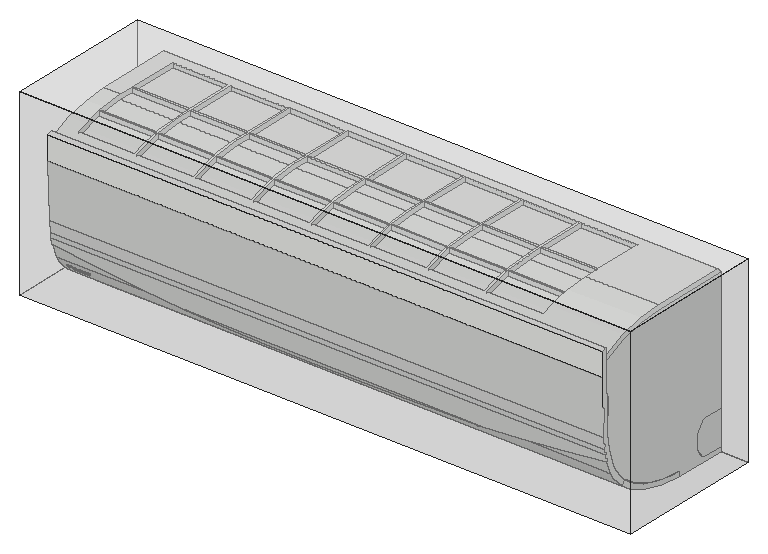
Revit family "outputfile", category 機械設備, Revit 2024
Family settings
  丸型コネクタ寸法 = 半径を使用
  パーツ タイプ = 標準
  OmniClass 番号 = 23.75.10.24.21.27.27
  OmniClass タイトル = Split System Air Conditioning Units
  作業面ベース = いいえ
  常に垂直 = はい
  ロード時にボイドで切り取り = いいえ
  注釈の向きを維持 = いいえ
  共有 = いいえ
  部屋計算ポイント = いいえ
Parameters (values of type "FTKM50QVMA")
  Description = ""
  書き出し IFC クラス(タイプ) = "IfcUnitaryEquipmentType"
  定義済み IFC タイプ(タイプ) = "AIRCONDITIONINGUNIT"
  Cost = 0
  Type Comments = ""
  Keynote = ""
  Type Image = (empty or 0)
  Assembly Code = ""
  w_wall hole = if(Width = 770.0 mm, 48.0 mm, 60.0 mm)  # 60.0 mm
  製造元 = "Daikin"
  モデル = "FTKM50QVMA"
  switch_frequency = yes
  r_Liquid Pipe Size = Liquid Pipe Size / 2  # 3.2 mm
  r_Gas Pipe Size = Gas Pipe Size / 2  # 6.35 mm
  r_Drain Pipe Size = Drain Pipe Size / 2  # 8.0 mm
  lw_powersupply [instance] = if(Width = 770.0 mm, if(or(Rear Right Connection_refrigerant, Bottom Right Connection_refrigerant), 25.0 mm, if(or(Rear Left Connection_refrigerant, Bottom Left Connection_refrigerant), 745.0 mm, 400.0 mm)), if(Width = 990.0 mm, if(or(Rear Right Connection_refrigerant, Bottom Right Connection_refrigerant), 40.0 mm, if(or(Rear Left Connection_refrigerant, Bottom Left Connection_refrigerant), 920.0 mm, 400.0 mm)), if(or(Rear Right Connection_refrigerant, Bottom Right Connection_refrigerant), 40.0 mm, if(or(Rear Left Connection_refrigerant, Bottom Left Connection_refrigerant), 920.0 mm, 400.0 mm))))  # 400.0 mm
  lw_liquidpipe [instance] = if(Width = 770.0 mm, if(or(Rear Right Connection_refrigerant, Bottom Right Connection_refrigerant), 0.0 mm, if(or(Rear Left Connection_refrigerant, Bottom Left Connection_refrigerant), 664.0 mm, 385.0 mm)), if(Width = 900.0 mm, if(or(Rear Right Connection_refrigerant, Bottom Right Connection_refrigerant), 0.0 mm, if(or(Rear Left Connection_refrigerant, Bottom Left Connection_refrigerant), 664.0 mm + (990.0 mm - 770.0 mm), 475.0 mm)), if(or(Rear Right Connection_refrigerant, Bottom Right Connection_refrigerant), 0.0 mm, if(or(Rear Left Connection_refrigerant, Bottom Left Connection_refrigerant), 664.0 mm + (990.0 mm - 770.0 mm), 475.0 mm))))  # 475.0 mm
  lw_gaspipe [instance] = if(Width = 770.0 mm, if(or(Rear Right Connection_refrigerant, Bottom Right Connection_refrigerant), 0.0 mm, if(or(Rear Left Connection_refrigerant, Bottom Left Connection_refrigerant), 675.0 mm, if(Gas Pipe Size = 12.7 mm, 345.0 mm, 335.0 mm))), if(Width = 990.0 mm, if(or(Rear Right Connection_refrigerant, Bottom Right Connection_refrigerant), 10.0 mm, if(or(Rear Left Connection_refrigerant, Bottom Left Connection_refrigerant), 890.0 mm, if(Gas Pipe Size = 15.9 mm, 410.0 mm, 400.0 mm))), if(or(Rear Right Connection_refrigerant, Bottom Right Connection_refrigerant), 10.0 mm, if(or(Rear Left Connection_refrigerant, Bottom Left Connection_refrigerant), 890.0 mm, if(Gas Pipe Size = 15.9 mm, 410.0 mm, 400.0 mm)))))  # 400.0 mm
  lw_drainpipe [instance] = if(Width = 770.0 mm, if(or(Rear Right Connection_refrigerant, Bottom Right Connection_refrigerant), 0.0 mm, if(or(Rear Left Connection_refrigerant, Bottom Left Connection_refrigerant), 770.0 mm - 48.0 mm - 48.0 mm, 440.0 mm)), if(Width = 990.0 mm, if(or(Rear Right Connection_refrigerant, Bottom Right Connection_refrigerant), 0.0 mm, if(or(Rear Left Connection_refrigerant, Bottom Left Connection_refrigerant), 675.0 mm + (990.0 mm - 770.0 mm), 435.0 mm)), if(or(Rear Right Connection_refrigerant, Bottom Right Connection_refrigerant), 0.0 mm, if(or(Rear Left Connection_refrigerant, Bottom Left Connection_refrigerant), 675.0 mm + (990.0 mm - 770.0 mm), 435.0 mm))))  # 435.0 mm
  l_powersupply_length [instance] = if(Width = 770.0 mm, if(Right Connection_refrigerant, 400.0 mm, if(Left Connection_refrigerant, 770.0 mm - 400.0 mm, if(or(Rear Left Connection_refrigerant, Rear Right Connection_refrigerant), 15.0 mm, 50.0 mm))), if(Width = 990.0 mm, if(Right Connection_refrigerant, 400.0 mm, if(Left Connection_refrigerant, 990.0 mm - 400.0 mm, if(or(Rear Left Connection_refrigerant, Rear Right Connection_refrigerant), 15.0 mm, 50.0 mm))), if(Right Connection_refrigerant, 400.0 mm, if(Left Connection_refrigerant, 990.0 mm - 400.0 mm, if(or(Rear Left Connection_refrigerant, Rear Right Connection_refrigerant), 15.0 mm, 50.0 mm)))))  # 400.0 mm
  l_liquidpipe_length [instance] = if(Width = 770.0 mm, if(Right Connection_refrigerant, 433.0 mm, if(Left Connection_refrigerant, 337.0 mm, if(or(Rear Left Connection_refrigerant, Rear Right Connection_refrigerant), 30.0 mm, 40.0 mm))), if(Width = 990.0 mm, if(Right Connection_refrigerant, 535.0 mm, if(Left Connection_refrigerant, 455.0 mm, if(or(Rear Left Connection_refrigerant, Rear Right Connection_refrigerant), 30.0 mm, 40.0 mm))), if(Right Connection_refrigerant, 535.0 mm, if(Left Connection_refrigerant, 455.0 mm, if(or(Rear Left Connection_refrigerant, Rear Right Connection_refrigerant), 30.0 mm, 40.0 mm)))))  # 535.0 mm
  l_gaspipe_length [instance] = if(Width = 770.0 mm, if(Right Connection_refrigerant, if(Gas Pipe Size = 12.7 mm, 393.0 mm, 383.0 mm), if(Left Connection_refrigerant, if(Gas Pipe Size = 12.7 mm, 770.0 mm - 393.0 mm, 770.0 mm - 383.0 mm), if(or(Rear Left Connection_refrigerant, Rear Right Connection_refrigerant), 40.0 mm, 50.0 mm))), if(Width = 990.0 mm, if(Right Connection_refrigerant, if(Gas Pipe Size = 15.9 mm, 470.0 mm, 460.0 mm), if(Left Connection_refrigerant, if(Gas Pipe Size = 15.9 mm, 990.0 mm - 470.0 mm, 990.0 mm - 460.0 mm), if(or(Rear Left Connection_refrigerant, Rear Right Connection_refrigerant), 40.0 mm, 50.0 mm))), if(Right Connection_refrigerant, if(Gas Pipe Size = 15.9 mm, 470.0 mm, 460.0 mm), if(Left Connection_refrigerant, if(Gas Pipe Size = 15.9 mm, 990.0 mm - 470.0 mm, 990.0 mm - 460.0 mm), if(or(Rear Left Connection_refrigerant, Rear Right Connection_refrigerant), 40.0 mm, 50.0 mm)))))  # 460.0 mm
  l_drainpipe_length [instance] = if(Width = 770.0 mm, if(Right Connection_refrigerant, 488.0 mm, if(Left Connection_refrigerant, 282.0 mm, if(or(Rear Left Connection_refrigerant, Rear Right Connection_refrigerant), 15.0 mm, 20.0 mm))), if(Width = 990.0 mm, if(Right Connection_refrigerant, 495.0 mm, if(Left Connection_refrigerant, 495.0 mm, if(or(Rear Left Connection_refrigerant, Rear Right Connection_refrigerant), 15.0 mm, 20.0 mm))), if(Right Connection_refrigerant, 495.0 mm, if(Left Connection_refrigerant, 495.0 mm, if(or(Rear Left Connection_refrigerant, Rear Right Connection_refrigerant), 15.0 mm, 20.0 mm)))))  # 495.0 mm
  h*** = 0.0 mm  # constant formula
  connector_voltage = Voltage_50Hz  # 230 V
  connector_powerinput = [Power Input (Cooling)]  # 0.000 kW
  connector_phase = Phase_50Hz  # 1
  angle_vertical [instance] = if(or(Bottom Left Connection_refrigerant, Bottom Right Connection_refrigerant), 0.00°, 90.00°)  # 90.00°
  angle_horizontal [instance] = if(Right Connection_refrigerant, 90.00°, if(Left Connection_refrigerant, -90.00°, if(or(Rear Left Connection_refrigerant, Rear Right Connection_refrigerant), 180.00°, 0.00°)))  # 90.00°
  Width = 990.0 mm
  Voltage_comment_50Hz = "220 - 240"
  Voltage_50Hz = 230 V
  Version = "ver.1.0"
  Unit Type = "Wall Mounted"
  Unit Mass Weight = 13.00 kg
  Unit Designation [instance] = ""
  Uniclass2015Version = "Products v1.30"
  Uniclass2015Title = "Split coil room air conditioning units"
  Uniclass2015Code = "Pr_70_65_03_86"
  URL = ""
  Total Cooling Capacity [instance] = 0.000 kW
  Sound Pressure Level_M speed (dBA) = 40
  Sound Pressure Level_L speed (dBA) = 35
  Sound Pressure Level_H speed (dBA) = 45
  Sound Power Level_H speed (dB) = 0
  Series = "Single Split_Fan Coil Unit"
  Sensible Cooling Capacity [instance] = 0.000 kW
  Refrigerant Type = "R32"
  Power Input (Cooling) = 0.000 kW
  Phase_50Hz = 1
  Option Accessory 3 [instance] = ""
  Option Accessory 2 [instance] = ""
  Option Accessory 1 [instance] = ""
  Nominal Cooling Capacity = 5.000 kW
  Minimum Circuit Amps_50Hz = 0.0 A
  Minimum Airflow = 666.00 m³/h
  Median Airflow = 816.00 m³/h
  Maximum Fuse Amps_50Hz = 0.0 A
  Maximum Airflow = 960.00 m³/h
  Material_Casing = DAIKIN_PureWhite_Casing_indoorunit
  Load Classification = HVAC
  Liquid Pipe Size = 6.4 mm
  Link_Nested Family [instance] = ""
  IfcVersion = ""
  IfcExportType = "AIRCONDITIONINGUNIT"
  IfcExportAs = "IfcUnitaryEquipmentType"
  Height = 295.0 mm
  Heat Exchanger Type = "Cross Fin Coil"
  Gas Pipe Size = 12.7 mm
  Frequency_50Hz = 50 Hz
  Fan Type = "Cross Flow Fan"
  Fan Drive = "Direct Drive"
  FCU Tag No. [instance] = ""
  Drain Pipe Size = 16.0 mm
  Design Supply Airflow [instance] = 0.00 m³/h
  Depth = 263.0 mm
  既定の高さ = 0.0 mm
  Cooling Entering Wet Bulb Temperature [instance] = 0.00 °C
  Cooling Entering Dry Bulb Temperature [instance] = 0.00 °C
  Cooling Ambient Wet Bulb Temperature [instance] = 0.00 °C
  Cooling Ambient Dry Bulb Temperature [instance] = 0.00 °C
  Clearance visibility [instance] = yes
  Clearance Top = 30.0 mm
  Clearance Right = 50.0 mm
  Clearance Rear = 0.0 mm
  Clearance Left = 50.0 mm
  Clearance Front = 0.0 mm
  Clearance Bottom = 0.0 mm
  Bottom Right Connection_refrigerant [instance] = no
  Bottom Left Connection_refrigerant [instance] = no
  Rear Right Connection_refrigerant [instance] = no
  Rear Left Connection_refrigerant [instance] = no
  Right Connection_refrigerant [instance] = yes
  Left Connection_refrigerant [instance] = no
Reference planes
  plane 1 "Back": y = 0
  plane 2: z = 0
  plane 3 "Center (Left/Right)": x = 0
  plane 4 "Center (Front/Back)": y = -131.5
  plane 5 "Front": y = -263
  plane 6 "Left": x = -495
  plane 7 "Right": x = 495
  plane 8 "Top": z = 0
  plane 9 "Bottom": z = -295
  plane 10: x = -545
  plane 11: x = 545
  plane 12: y = 0
  plane 13: y = -263
  plane 14: z = 30
  plane 15: z = -295
  plane 16 "lw_Piping and Wiring intake": x = 435
  plane 17 "lw_gaspipe": x = 35
  plane 18 "lw_liquidpipe": x = -40
  plane 19 "lw_drainpipe": x = 0
  plane 20 "lh_drainpipe": z = -275
  plane 21 "lh_liquidpipe": z = -255
  plane 22 "lh_gaspipe": z = -245
  plane 23 "ld_drainpipe": y = -15
  plane 24 "ld_liquidpipe": y = -30
  plane 25 "ld_gaspipe": y = -40
  plane 26 "lw_powersupply": x = 95
Dimensions and locks
  equal spacing: plane 6 "Left", plane 3 "Center (Left/Right)", plane 7 "Right"
  "Width": plane 6 "Left" to plane 7 "Right"
  equal spacing: plane 5 "Front", plane 4 "Center (Front/Back)", plane 1 "Back"
  "Depth": plane 5 "Front" to plane 1 "Back"
  "Height": plane 8 "Top" to plane 9 "Bottom"
  "Clearance Rear": plane 12 to plane 1 "Back"
  "Clearance Front": plane 13 to plane 5 "Front"
  "Clearance Top": plane 14 to plane 8 "Top"
  "Clearance Bottom": plane 9 "Bottom" to plane 15
  "w_wall hole": plane 16 "lw_Piping and Wiring intake" to plane 7 "Right"
  "lw_gaspipe": plane 17 "lw_gaspipe" to plane 16 "lw_Piping and Wiring intake"
  "lw_liquidpipe": plane 18 "lw_liquidpipe" to plane 16 "lw_Piping and Wiring intake"
  "lw_drainpipe": plane 19 "lw_drainpipe" to plane 16 "lw_Piping and Wiring intake"
  locked: plane 20 "lh_drainpipe" to plane 9 "Bottom" at 20
  locked: plane 21 "lh_liquidpipe" to plane 9 "Bottom" at 40
  locked: plane 22 "lh_gaspipe" to plane 9 "Bottom" at 50
  locked: plane 23 "ld_drainpipe" to plane 1 "Back" at 15
  locked: plane 1 "Back" to plane 24 "ld_liquidpipe" at 30
  locked: plane 1 "Back" to plane 25 "ld_gaspipe" at 40
  "lw_powersupply": plane 26 "lw_powersupply" to plane 7 "Right"
  "Clearance Right": plane 7 "Right" to plane 11
  "Clearance Left": plane 10 to plane 6 "Left"
  aligned and locked: level to plane 2
  aligned and locked: plane 12 to nested 1
  aligned and locked: nested 1 to plane 13
  aligned and locked: plane 10 to nested 1
  aligned and locked: plane 11 to nested 1
  aligned and locked: plane 15 to nested 1
  aligned and locked: plane 14 to nested 1
  aligned and locked: plane 17 "lw_gaspipe" to nested 2
  aligned and locked: nested 2 to plane 25 "ld_gaspipe"
  aligned and locked: plane 18 "lw_liquidpipe" to nested 3
  aligned and locked: nested 3 to plane 24 "ld_liquidpipe"
  aligned and locked: plane 19 "lw_drainpipe" to nested 4
  aligned and locked: nested 4 to plane 23 "ld_drainpipe"
  aligned and locked: nested 5 to plane 23 "ld_drainpipe"
  aligned and locked: plane 26 "lw_powersupply" to nested 5
  aligned and locked: level to plane 8 "Top"
  aligned and locked: plane 3 "Center (Left/Right)" to nested 6
  aligned and locked: plane 1 "Back" to nested 6
  aligned and locked: plane 8 "Top" to nested 6
Nested families
  nested 1: "daikin_clearancespace" at (0, -131.5, -132.381), show <- "Clearance visibility", visible <- "Clearance visibility", Link_Nested Family <- "Link_Nested Family", type "daikin_clearancespace"
    with width 1090.0 mm, show yes, height 325.0 mm, depth 263.0 mm, Link_Nested Family ""
  nested 2: "daikin_connector_rotate3" at (35, -40, -245), angle_vertical <- "angle_vertical", angle_horizontal <- "angle_horizontal", length <- "l_gaspipe_length", radius <- "r_Gas Pipe Size", type "daikin_connector_rotate3"
    with show no, radius 6.35 mm, length 460.0 mm, angle_vertical 90.00°, angle_horizontal 90.00°
  nested 3: "daikin_connector_rotate3" at (-40, -30, -255), angle_vertical <- "angle_vertical", angle_horizontal <- "angle_horizontal", radius <- "r_Liquid Pipe Size", length <- "l_liquidpipe_length", type "daikin_connector_rotate3"
    with show no, radius 3.2 mm, length 535.0 mm, angle_vertical 90.00°, angle_horizontal 90.00°
  nested 4: "daikin_connector_rotate3" at (0, -15, -275), angle_vertical <- "angle_vertical", angle_horizontal <- "angle_horizontal", length <- "l_drainpipe_length", radius <- "r_Drain Pipe Size", type "daikin_connector_rotate3"
    with show no, radius 8.0 mm, length 495.0 mm, angle_vertical 90.00°, angle_horizontal 90.00°
  nested 5: "daikin_connector_rotate3" at (95, -15, -245), angle_vertical <- "angle_vertical", angle_horizontal <- "angle_horizontal", length <- "l_powersupply_length", type "daikin_connector_rotate3"
    with show no, radius 10.0 mm, length 400.0 mm, angle_vertical 90.00°, angle_horizontal 90.00°
  nested 6: "DAIKIN_indoorunit_FTKM-QVMA" at (-31, 0, 0), type "FTKM-QVMA"
    with switch_unit1_50-71 yes, switch_unit1_20-46 no, Width 990.0 mm, WALL HOLE-R 60.0 mm, WALL HOLE Size 80.0 mm, Height 295.0 mm
Connectors
  piping at (495, -40, -245), diameter 12.7, driven by "r_Gas Pipe Size"
    settings: on nested 2, index 1, connector inside diameter 609.6 mm, connector length 0.0 mm, flow factor 0, pipe flow 0.00 m³/h, pressure drop 0.0 Pa, fitting loss kfactor 0, connector angle 0.00°, fixture units 0, engagement length 0.0 mm, angle of deflection 0.00°, flow configuration 1, flow direction 2, fitting loss method 0, system type 29, joint type 0, gender type 0, connector reference index -1, connector utility 0, adjustable connector no, is connector primary yes, connector description "Refrigerant Gas Piping"
  piping at (495, -30, -255), diameter 6.4, driven by "r_Liquid Pipe Size"
    settings: on nested 3, index 2, connector inside diameter 609.6 mm, connector length 0.0 mm, flow factor 0, pipe flow 0.00 m³/h, pressure drop 0.0 Pa, fitting loss kfactor 0, connector angle 0.00°, fixture units 0, engagement length 0.0 mm, angle of deflection 0.00°, flow configuration 1, flow direction 1, fitting loss method 0, system type 29, joint type 0, gender type 0, connector reference index -1, connector utility 0, adjustable connector no, is connector primary no, connector description "Refrigerant Liquid Piping"
  piping at (495, -15, -275), diameter 16, driven by "r_Drain Pipe Size"
    settings: on nested 4, index 3, connector inside diameter 609.6 mm, connector length 0.0 mm, flow factor 0, pipe flow 0.00 m³/h, pressure drop 0.0 Pa, fitting loss kfactor 0, connector angle 0.00°, fixture units 0, engagement length 0.0 mm, angle of deflection 0.00°, flow configuration 1, flow direction 2, fitting loss method 4, system type 16, joint type 0, gender type 0, connector reference index -1, connector utility 0, adjustable connector no, is connector primary no, connector description "Condensate Drain Piping"
  electrical at (495, -15, -245), driven by "Load Classification", driven by "connector_powerinput", driven by "connector_voltage", driven by "connector_phase"
    settings: on nested 5, index 4, voltage 230 V, apparent load 0 VA, apparent load phase1 0 VA, apparent load phase2 0 VA, apparent load phase3 0 VA, power factor 1, load classification "HVAC", number of poles 1, system type 30, power factor state 1, is connector primary yes, connector utility no, sub classification motor no, connector description "Power Supply"
Definition of nested family "daikin_clearancespace"
  Parameters (values of type "daikin_clearancespace")
    Description = "daikin_clearancespace"
    width [instance] = 1823.963 mm
    show [instance] = yes
    material = none
    height [instance] = 1359.762 mm
    depth [instance] = 880.0 mm
    Default Elevation = 0.0 mm
    Link_Nested Family [instance] = ""
  Reference planes
    plane 1 "Center (Front/Back)": y = 0
    plane 2 "Center (Elevation)": z = -0.119
    plane 3 "Center (Left/Right)": x = 0
    plane 4: y = 440
    plane 5: y = -440
    plane 6 "Right": x = 911.982
    plane 7 "Left": x = -911.982
    plane 8 "Top": z = 679.762
    plane 9 "Bottom": z = -680
  Forms (mm)
    Extrusion 1, solid, material <- "material", visible <- "show"
      sketch origin (0, 0, 0) x (1, 0, 0) y (0, 1, 0)
        loop
          line (-911.982, 440) -> (-911.982, -440) -> (911.982, -440) -> (911.982, 440) -> (-911.982, 440)
      from -680 to 679.762
  Lines and regions (mm)
    symbolic lines, visible <- "show"
      curve 1: line (911.982, 440, 0) -> (-911.982, 440, 0)
      curve 2: line (-911.982, 440, 0) -> (-911.982, -440, 0)
      curve 3: line (-911.982, -440, 0) -> (911.982, -440, 0)
      curve 4: line (911.982, -440, 0) -> (911.982, 440, 0)
      curve 5: line (911.982, 0, 679.762) -> (-911.982, 0, 679.762)
      curve 6: line (911.982, 0, -680) -> (911.982, 0, 679.762)
      curve 7: line (-911.982, 0, -680) -> (911.982, 0, -680)
      curve 8: line (-911.982, 0, 679.762) -> (-911.982, 0, -680)
      curve 9: line (0, 440, 679.762) -> (0, -440, 679.762)
      curve 10: line (0, -440, 679.762) -> (0, -440, -680)
      curve 11: line (0, 440, -680) -> (0, 440, 679.762)
      curve 12: line (0, -440, -680) -> (0, 440, -680)
  Dimensions and locks
    "width": plane 7 "Left" to plane 6 "Right"
    "depth": plane 4 to plane 5
    "height": plane 8 "Top" to plane 9 "Bottom"
    equal spacing: plane 7 "Left", plane 3 "Center (Left/Right)", plane 6 "Right"
    equal spacing: plane 4, plane 1 "Center (Front/Back)", plane 5
    equal spacing: plane 8 "Top", plane 2 "Center (Elevation)", plane 9 "Bottom"
    aligned and locked: level to plane 2 "Center (Elevation)"
    aligned and locked: Extrusion 1 sketch curve to plane 4
    aligned and locked: plane 7 "Left" to Extrusion 1 sketch curve
    aligned and locked: Extrusion 1 sketch curve to plane 5
    aligned and locked: Extrusion 1 sketch curve to plane 6 "Right"
    aligned and locked: plane 8 "Top" to Extrusion 1
    aligned and locked: curve 1 to Extrusion 1
    aligned and locked: curve 2 to Extrusion 1
    aligned and locked: curve 3 to Extrusion 1
    aligned and locked: curve 4 to Extrusion 1
    aligned and locked: curve 5 to Extrusion 1
    aligned and locked: curve 6 to Extrusion 1
    aligned and locked: curve 7 to Extrusion 1
    aligned and locked: curve 8 to Extrusion 1
    aligned and locked: curve 9 to Extrusion 1
    aligned and locked: curve 10 to Extrusion 1
    aligned and locked: curve 11 to Extrusion 1
    aligned and locked: curve 12 to Extrusion 1
    aligned and locked: Extrusion 1 to plane 9 "Bottom"
Definition of nested family "DAIKIN_indoorunit_FTKM-QVMA"
  Parameters (values of type "FTKM-QVMA")
    switch_unit1_50-71 = Width = 990.0 mm  # no
    switch_unit1_20-46 = Width = 770.0 mm  # yes
    Width = 770.0 mm
    WALL HOLE-R = if(Width = 770.0 mm, 48.0 mm, 60.0 mm)  # 48.0 mm
    WALL HOLE Size = if(Width = 770.0 mm, 65.0 mm, 80.0 mm)  # 65.0 mm
    Material_Casing = none
    Height = if(Width = 770.0 mm, 285.0 mm, 295.0 mm)  # 285.0 mm
    Default Elevation = 0.0 mm
  Reference planes
    plane 1 "Center (Front/Back)": y = 0
    plane 2 "reference_level": z = 0
    plane 3 "Center (Left/Right)": x = 31
    plane 4: x = -354
    plane 5: x = 416
    plane 6: z = -285
  Forms (mm)
    Extrusion 1, solid, material <- "Material_Casing", visible <- "switch_unit1_20-46"
      sketch origin (29, 0, 0) x (0, 1, 0) y (0, 0, 1)
        loop
          line (-5, 0) -> (-98, 0)
          arc (-98, 0) -> (-157.611, -7.211) -> (-213.783, -28.427) r 250
          arc (-213.783, -28.427) -> (-213.842, -32.972) -> (-213.892, -37.516) r 2191
          arc (-213.892, -37.516) -> (-157.832, -15.495) -> (-98.07, -8) r 242
          line (-98.07, -8) -> (0, -8) -> (-5, 0)
      from -383 to 387
    Extrusion 2, solid, material <- "Material_Casing", visible <- "switch_unit1_20-46"
      sketch origin (416, 1296.25, 1200) x (0, 1, 0) y (0, 0, 1)
        loop
          line (-1472.998, -1446.91) -> (-1476.998, -1453.839)
          arc (-1476.998, -1453.839) -> (-1437.481, -1472.422) -> (-1395.25, -1483.538) r 240
          line (-1395.25, -1483.538) -> (-1395.25, -1475.422)
          arc (-1395.25, -1475.422) -> (-1435.407, -1464.663) -> (-1472.998, -1446.91) r 232
      from 0 to -47.5
    Extrusion 3, solid, material <- "Material_Casing", visible <- "switch_unit1_20-46"
      sketch origin (29, 0, 0) x (0, 1, 0) y (0, 0, 1)
        loop
          arc (-223, -60.455) -> (-222.414, -110.646) -> (-220.656, -160.81) r 2149.92
          arc (-220.656, -160.81) -> (-219.65, -174.299) -> (-217.853, -187.706) r 229.911
          arc (-217.853, -187.706) -> (-205.371, -223.594) -> (-181.517, -253.17) r 111
          line (-181.517, -253.17) -> (-177.429, -246.093)
          arc (-177.429, -246.093) -> (-198.77, -218.989) -> (-209.965, -186.36) r 103
          arc (-209.965, -186.36) -> (-211.681, -173.586) -> (-212.651, -160.735) r 221.844
          arc (-212.651, -160.735) -> (-214.739, -93.233) -> (-214.74, -25.699) r 2186.828
          arc (-214.74, -25.699) -> (-214.671, -21.467) -> (-214.594, -17.235) r 2192
          line (-214.594, -17.235) -> (-223, -19.961) -> (-223, -60.455)
      from -383 to 387
    Extrusion 4, solid, material <- "Material_Casing", visible <- "switch_unit1_20-46"
      sketch origin (29, 0, 0) x (0, 1, 0) y (0, 0, 1)
        loop
          line (-181.517, -253.17) -> (-179.597, -249.846)
          arc (-179.597, -249.846) -> (-202.009, -221.399) -> (-213.189, -186.952) r 103
          line (-213.189, -186.952) -> (-217.853, -187.706)
          arc (-217.853, -187.706) -> (-217.533, -189.556) -> (-217.182, -191.4) r 111
          arc (-217.182, -191.4) -> (-213.806, -208.181) -> (-210.362, -224.948) r 4257.809
          arc (-210.362, -224.948) -> (-198.886, -237.857) -> (-186.225, -249.607) r 180
          line (-186.225, -249.607) -> (-181.517, -253.17)
      from -383 to 387
    Extrusion 5, solid, material <- "Material_Casing", visible <- "switch_unit1_20-46"
      sketch origin (29, 0, -20) x (0, 1, 0) y (0, 0, 1)
        loop
          line (0, -265) -> (0, 12) -> (-98.07, 12)
          arc (-98.07, 12) -> (-157.832, 4.505) -> (-213.892, -17.516) r 242
          arc (-213.892, -17.516) -> (-213.638, -79.114) -> (-211.653, -140.681) r 2191
          arc (-211.653, -140.681) -> (-210.685, -153.501) -> (-208.973, -166.243) r 221
          arc (-208.973, -166.243) -> (-197.471, -199.282) -> (-175.482, -226.491) r 102
          arc (-175.482, -226.491) -> (-138.004, -244.019) -> (-98, -254.579) r 231
          line (-98, -254.579) -> (-98, -265) -> (0, -265)
      from -383 to 387
    Extrusion 6, solid, material <- "Material_Casing", visible <- "switch_unit1_20-46"
      sketch origin (-354, 1296.25, 1200) x (0, 1, 0) y (0, 0, 1)
        loop
          line (-1472.998, -1446.91) -> (-1476.998, -1453.839)
          arc (-1476.998, -1453.839) -> (-1437.481, -1472.422) -> (-1395.25, -1483.538) r 240
          line (-1395.25, -1483.538) -> (-1395.25, -1475.422)
          arc (-1395.25, -1475.422) -> (-1435.407, -1464.663) -> (-1472.998, -1446.91) r 232
      from 47 to 0
    Extrusion 7, solid, material <- "Material_Casing", visible <- "switch_unit1_20-46"
      sketch origin (416, 1296.25, 1200) x (0, 1, 0) y (0, 0, 1)
        loop
          line (-1472.998, -1446.91) -> (-1476.998, -1453.839)
          arc (-1476.998, -1453.839) -> (-1443.437, -1470.168) -> (-1407.75, -1481.097) r 240
          line (-1407.75, -1481.097) -> (-1407.75, -1472.894)
          arc (-1407.75, -1472.894) -> (-1441.363, -1462.385) -> (-1472.998, -1446.91) r 232
      from -116.993 to -48.493
    Extrusion 8, solid, material <- "Material_Casing", visible <- "switch_unit1_20-46"
      sketch origin (416, 1296.25, 1200) x (0, 1, 0) y (0, 0, 1)
        loop
          line (-1472.998, -1446.91) -> (-1476.998, -1453.839)
          arc (-1476.998, -1453.839) -> (-1443.437, -1470.168) -> (-1407.75, -1481.097) r 240
          line (-1407.75, -1481.097) -> (-1407.75, -1472.894)
          arc (-1407.75, -1472.894) -> (-1441.363, -1462.385) -> (-1472.998, -1446.91) r 232
      from -717 to -121.993
    Extrusion 9, void
      sketch origin (31, 0, -235) x (1, 0, 0) y (0, 1, 0)
        loop
          line (-252.674, -22.316) -> (-354.941, -22.316) -> (-354.941, -91.341) -> (-252.674, -91.341) -> (-252.674, -22.316)
        loop
          line (-249.341, -91.341) -> (-151.574, -91.341) -> (-151.574, -22.316) -> (-249.341, -22.316) -> (-249.341, -91.341)
        loop
          line (58.309, -22.316) -> (-148.309, -22.316) -> (-148.309, -91.341) -> (58.309, -91.341) -> (58.309, -22.316)
        loop
          line (61.689, -22.316) -> (61.689, -91.341) -> (159.457, -91.341) -> (159.457, -22.316) -> (61.689, -22.316)
        loop
          line (162.789, -22.316) -> (162.789, -91.341) -> (265.057, -91.341) -> (265.057, -22.316) -> (162.789, -22.316)
        loop
          line (-354.941, -94.659) -> (-354.941, -165.259) -> (-252.674, -165.259) -> (-252.674, -94.659) -> (-354.941, -94.659)
        loop
          line (-249.341, -94.659) -> (-249.341, -165.259) -> (-151.574, -165.259) -> (-151.574, -94.659) -> (-249.341, -94.659)
        loop
          line (-148.309, -94.659) -> (-148.309, -165.259) -> (58.309, -165.259) -> (58.309, -94.659) -> (-148.309, -94.659)
        loop
          line (61.689, -94.659) -> (61.689, -165.259) -> (159.457, -165.259) -> (159.457, -94.659) -> (61.689, -94.659)
        loop
          line (162.789, -94.659) -> (162.789, -165.259) -> (265.057, -165.259) -> (265.057, -94.659) -> (162.789, -94.659)
        loop
          line (-354.941, -167.382) -> (-354.941, -192.681) -> (-252.674, -192.681) -> (-252.674, -167.382) -> (-354.941, -167.382)
        loop
          line (-249.341, -167.382) -> (-249.341, -192.681) -> (-151.574, -192.681) -> (-151.574, -167.382) -> (-249.341, -167.382)
        loop
          line (-148.309, -167.382) -> (-148.309, -192.681) -> (58.309, -192.681) -> (58.309, -167.382) -> (-148.309, -167.382)
        loop
          line (159.457, -167.382) -> (61.689, -167.382) -> (61.689, -192.681) -> (159.457, -192.681) -> (159.457, -167.382)
        loop
          line (265.057, -167.382) -> (162.789, -167.382) -> (162.789, -192.681) -> (265.057, -192.681) -> (265.057, -167.382)
      from 201.638 to 250
    Extrusion 10, void
      sketch origin (31, 0, 0) x (1, 0, 0) y (0, 0, 1)
        loop
          arc (597, -174.907) -> (0.056, -245.263) -> (-597, -175.856) r 2585.042
          line (-597, -175.856) -> (-597, -352.872) -> (597, -352.872) -> (597, -174.907)
      from 173 to 315.3
    Extrusion 11, solid, material <- "Material_Casing"
      sketch origin (31, 0, 0) x (1, 0, 0) y (0, 0, 1)
        loop
          circle (337, -240.5) r 32.5
        loop
          circle (-337, -240.5) r 32.5
      from 0 to 5
    Extrusion 12, solid, material <- "Material_Casing", visible <- "switch_unit1_20-46"
      sketch origin (416, 1296.25, 1200) x (0, -1, 0) y (0, 0, 1)
        loop
          line (1326.25, -1417) -> (1296.25, -1417) -> (1296.25, -1477) -> (1326.25, -1477)
          arc (1326.25, -1477) -> (1340.393, -1471.142) -> (1346.25, -1457) r 20
          line (1346.25, -1457) -> (1346.25, -1437)
          arc (1346.25, -1437) -> (1340.393, -1422.858) -> (1326.25, -1417) r 20
      from 0 to 5
    Extrusion 13, solid, material <- "Material_Casing", visible <- "switch_unit1_20-46"
      sketch origin (-354, 1296.25, 1200) x (0, 1, 0) y (0, 0, 1)
        loop
          line (-1296.25, -1417) -> (-1326.25, -1417)
          arc (-1326.25, -1417) -> (-1340.393, -1422.858) -> (-1346.25, -1437) r 20
          line (-1346.25, -1437) -> (-1346.25, -1457)
          arc (-1346.25, -1457) -> (-1340.393, -1471.142) -> (-1326.25, -1477) r 20
          line (-1326.25, -1477) -> (-1296.25, -1477) -> (-1296.25, -1417)
      from 0 to 5
    Extrusion 14, solid, material <- "Material_Casing", visible <- "switch_unit1_20-46"
      sketch origin (31, 0, -285) x (-1, 0, 0) y (0, -1, 0)
        loop
          line (-314, 0) -> (-314, 30)
          arc (-314, 30) -> (-319.858, 44.142) -> (-334, 50) r 20
          line (-334, 50) -> (-354, 50)
          arc (-354, 50) -> (-368.142, 44.142) -> (-374, 30) r 20
          line (-374, 30) -> (-374, 0) -> (-314, 0)
        loop
          line (374, 0) -> (374, 30)
          arc (374, 30) -> (368.142, 44.142) -> (354, 50) r 20
          line (354, 50) -> (334, 50)
          arc (334, 50) -> (319.858, 44.142) -> (314, 30) r 20
          line (314, 30) -> (314, 0) -> (374, 0)
      from 0 to 5
    Extrusion 15, solid, material <- "Material_Casing", visible <- "switch_unit1_50-71"
      sketch origin (31, 0, 0) x (0, 1, 0) y (0, 0, 1)
        loop
          line (-5, 0) -> (-138, 0)
          arc (-138, 0) -> (-197.611, -7.211) -> (-253.783, -28.427) r 250
          arc (-253.783, -28.427) -> (-253.838, -32.687) -> (-253.886, -36.946) r 2191
          arc (-253.886, -36.946) -> (-197.73, -15.346) -> (-138.014, -8) r 246.393
          line (-138.014, -8) -> (0, -8) -> (-5, 0)
      from -495 to 495
    Extrusion 16, solid, material <- "Material_Casing", visible <- "switch_unit1_50-71"
      sketch origin (418, 1296.25, 1200) x (0, 1, 0) y (0, 0, 1)
        loop
          arc (-1515.208, -1454.149) -> (-1506.856, -1460.599) -> (-1497.925, -1466.219) r 110
          arc (-1497.925, -1466.219) -> (-1445.718, -1487.493) -> (-1389.844, -1494.995) r 223
          line (-1389.844, -1494.995) -> (-1389.844, -1486.086) -> (-1404.386, -1486.086)
          arc (-1404.386, -1486.086) -> (-1449.542, -1477.46) -> (-1491.818, -1459.402) r 214.289
          arc (-1491.818, -1459.402) -> (-1501.056, -1453.541) -> (-1509.606, -1446.715) r 101
          line (-1509.606, -1446.715) -> (-1515.208, -1454.149)
      from 108 to 57.5
    Extrusion 17, solid, material <- "Material_Casing", visible <- "switch_unit1_50-71"
      sketch origin (31, 0, 0) x (0, 1, 0) y (0, 0, 1)
        loop
          line (-263, -19.962) -> (-263, -61.6)
          arc (-263, -61.6) -> (-262.414, -110.219) -> (-260.656, -158.81) r 2017.341
          arc (-260.656, -158.81) -> (-255.648, -191.935) -> (-244.041, -223.362) r 164.725
          arc (-244.041, -223.362) -> (-233.569, -239.793) -> (-219.717, -253.495) r 87.379
          line (-219.717, -253.495) -> (-214.706, -246.846)
          arc (-214.706, -246.846) -> (-229.564, -230.029) -> (-240.385, -210.371) r 102
          arc (-240.385, -210.371) -> (-249.049, -182.962) -> (-252.848, -154.467) r 165.789
          arc (-252.848, -154.467) -> (-254.771, -90.102) -> (-254.74, -25.708) r 2122.533
          arc (-254.74, -25.708) -> (-254.671, -21.469) -> (-254.594, -17.23) r 2192
          line (-254.594, -17.23) -> (-263, -19.962)
      from -495 to 495
    Extrusion 18, void
      sketch origin (33, 0, 0) x (1, 0, 0) y (0, 1, 0)
        loop
          line (-466.909, -22.316) -> (-466.909, -111.341) -> (-366.303, -111.341) -> (-366.303, -22.316) -> (-466.909, -22.316)
        loop
          line (-362.71, -22.316) -> (-362.71, -111.341) -> (-262.103, -111.341) -> (-262.103, -22.316) -> (-362.71, -22.316)
        loop
          line (-258.51, -22.316) -> (-258.51, -111.341) -> (-157.904, -111.341) -> (-157.904, -22.316) -> (-258.51, -22.316)
        loop
          line (-154.31, -22.316) -> (-154.31, -111.341) -> (-53.704, -111.341) -> (-53.704, -22.316) -> (-154.31, -22.316)
        loop
          line (-50.11, -22.316) -> (-50.11, -111.341) -> (50.496, -111.341) -> (50.496, -22.316) -> (-50.11, -22.316)
        loop
          line (54.089, -22.316) -> (54.089, -111.341) -> (154.696, -111.341) -> (154.696, -22.316) -> (54.089, -22.316)
        loop
          line (158.289, -22.316) -> (158.289, -111.341) -> (258.895, -111.341) -> (258.895, -22.316) -> (158.289, -22.316)
        loop
          line (262.489, -22.316) -> (262.489, -111.341) -> (363.095, -111.341) -> (363.095, -22.316) -> (262.489, -22.316)
        loop
          line (-466.909, -114.459) -> (-466.909, -185.059) -> (-366.303, -185.059) -> (-366.303, -114.459) -> (-466.909, -114.459)
        loop
          line (-362.71, -114.459) -> (-362.71, -185.059) -> (-262.103, -185.059) -> (-262.103, -114.459) -> (-362.71, -114.459)
        loop
          line (-258.51, -114.459) -> (-258.51, -185.059) -> (-157.904, -185.059) -> (-157.904, -114.459) -> (-258.51, -114.459)
        loop
          line (-154.31, -114.459) -> (-154.31, -185.059) -> (-53.704, -185.059) -> (-53.704, -114.459) -> (-154.31, -114.459)
        loop
          line (-50.11, -114.459) -> (-50.11, -185.059) -> (50.496, -185.059) -> (50.496, -114.459) -> (-50.11, -114.459)
        loop
          line (54.089, -114.459) -> (54.089, -185.059) -> (154.696, -185.059) -> (154.696, -114.459) -> (54.089, -114.459)
        loop
          line (158.289, -114.459) -> (158.289, -185.059) -> (258.895, -185.059) -> (258.895, -114.459) -> (158.289, -114.459)
        loop
          line (262.489, -114.459) -> (262.489, -185.059) -> (363.095, -185.059) -> (363.095, -114.459) -> (262.489, -114.459)
        loop
          line (-466.909, -187.382) -> (-466.909, -232.681) -> (-366.303, -232.681) -> (-366.303, -187.382) -> (-466.909, -187.382)
        loop
          line (-362.71, -187.382) -> (-362.71, -232.681) -> (-262.103, -232.681) -> (-262.103, -187.382) -> (-362.71, -187.382)
        loop
          line (-258.51, -187.382) -> (-258.51, -232.681) -> (-157.904, -232.681) -> (-157.904, -187.382) -> (-258.51, -187.382)
        loop
          line (-154.31, -187.382) -> (-154.31, -232.681) -> (-53.704, -232.681) -> (-53.704, -187.382) -> (-154.31, -187.382)
        loop
          line (-50.11, -187.382) -> (-50.11, -232.681) -> (50.496, -232.681) -> (50.496, -187.382) -> (-50.11, -187.382)
        loop
          line (54.089, -187.382) -> (54.089, -232.681) -> (154.696, -232.681) -> (154.696, -187.382) -> (54.089, -187.382)
        loop
          line (158.289, -187.382) -> (158.289, -232.681) -> (258.895, -232.681) -> (258.895, -187.382) -> (158.289, -187.382)
        loop
          line (262.489, -187.382) -> (262.489, -232.681) -> (363.095, -232.681) -> (363.095, -187.382) -> (262.489, -187.382)
      from -40.013 to 47.268
    Extrusion 19, void
      sketch origin (33, 0, 2300) x (1, 0, 0) y (0, 0, 1)
        loop
          line (705, -2672.872) -> (705, -2462.4)
          arc (705, -2462.4) -> (-2.043, -2534.819) -> (-709, -2461.567) r 3467.757
          line (-709, -2461.567) -> (-709, -2672.872) -> (705, -2672.872)
      from 173 to 315.3
    Extrusion 20, solid, material <- "Material_Casing", visible <- "switch_unit1_50-71"
      sketch origin (-356, 1296.25, 1200) x (0, 1, 0) y (0, 0, -1)
        loop
          line (-1515.208, 1454.149) -> (-1509.606, 1446.715)
          arc (-1509.606, 1446.715) -> (-1501.056, 1453.541) -> (-1491.818, 1459.402) r 101
          arc (-1491.818, 1459.402) -> (-1449.542, 1477.46) -> (-1404.386, 1486.086) r 214.289
          line (-1404.386, 1486.086) -> (-1389.844, 1486.086) -> (-1389.844, 1494.995)
          arc (-1389.844, 1494.995) -> (-1445.718, 1487.493) -> (-1497.925, 1466.219) r 223
          arc (-1497.925, 1466.219) -> (-1506.856, 1460.599) -> (-1515.208, 1454.149) r 110
      from 108 to 61
    Extrusion 21, solid, material <- "Material_Casing", visible <- "switch_unit1_50-71"
      sketch origin (418, 1296.25, 1200) x (0, 1, 0) y (0, 0, 1)
        loop
          arc (-1515.208, -1454.149) -> (-1506.856, -1460.599) -> (-1497.925, -1466.219) r 110
          arc (-1497.925, -1466.219) -> (-1463.185, -1482.066) -> (-1426.25, -1491.755) r 223
          line (-1426.25, -1491.755) -> (-1426.25, -1483.166)
          arc (-1426.25, -1483.166) -> (-1460.008, -1473.969) -> (-1491.818, -1459.402) r 214.289
          arc (-1491.818, -1459.402) -> (-1501.056, -1453.541) -> (-1509.606, -1446.715) r 101
          line (-1509.606, -1446.715) -> (-1515.208, -1454.149)
      from 56.5 to -36.993
    Extrusion 22, solid, material <- "Material_Casing", visible <- "switch_unit1_50-71"
      sketch origin (418, 1296.25, 1200) x (0, 1, 0) y (0, 0, 1)
        loop
          arc (-1426.25, -1483.166) -> (-1443.442, -1479.224) -> (-1460.25, -1473.881) r 214.289
          line (-1460.25, -1473.881) -> (-1460.25, -1483.089)
          arc (-1460.25, -1483.089) -> (-1443.421, -1488.091) -> (-1426.25, -1491.755) r 223
          line (-1426.25, -1491.755) -> (-1426.25, -1483.166)
      from -43.493 to -828.893
    Extrusion 23, solid, material <- "Material_Casing", visible <- "switch_unit1_50-71"
      sketch origin (418, 1296.25, 1200) x (0, 1, 0) y (0, 0, 1)
        loop
          arc (-1515.208, -1454.149) -> (-1506.856, -1460.599) -> (-1497.925, -1466.219) r 110
          arc (-1497.925, -1466.219) -> (-1479.479, -1475.527) -> (-1460.25, -1483.089) r 223
          line (-1460.25, -1483.089) -> (-1460.25, -1473.881)
          arc (-1460.25, -1473.881) -> (-1476.328, -1467.282) -> (-1491.818, -1459.402) r 214.289
          arc (-1491.818, -1459.402) -> (-1501.056, -1453.541) -> (-1509.606, -1446.715) r 101
          line (-1509.606, -1446.715) -> (-1515.208, -1454.149)
      from -43.493 to -828.893
    Extrusion 24, solid, material <- "Material_Casing", visible <- "switch_unit1_50-71"
      sketch origin (31, 0, 0) x (0, 1, 0) y (0, 0, 1)
        loop
          arc (-217.78, -250.924) -> (-234.088, -233.307) -> (-245.826, -212.366) r 102
          arc (-245.826, -212.366) -> (-251.608, -196.062) -> (-255.659, -179.245) r 165.789
          line (-255.659, -179.245) -> (-258.299, -179.737)
          arc (-258.299, -179.737) -> (-257.524, -183.799) -> (-256.646, -187.84) r 164.725
          arc (-256.646, -187.84) -> (-252.868, -206.25) -> (-249.973, -224.82) r 393.089
          arc (-249.973, -224.82) -> (-239.237, -236.969) -> (-227.451, -248.102) r 180
          arc (-227.451, -248.102) -> (-223.723, -250.998) -> (-219.717, -253.495) r 45.878
          line (-219.717, -253.495) -> (-217.78, -250.924)
      from -495 to 495
    Extrusion 25, solid, material <- "Material_Casing", visible <- "switch_unit1_50-71"
      sketch origin (31, 0, -30) x (0, 1, 0) y (0, 0, 1)
        loop
          line (0, 22) -> (-138.014, 22)
          arc (-138.014, 22) -> (-197.73, 14.654) -> (-253.886, -6.946) r 246.393
          arc (-253.886, -6.946) -> (-253.682, -65.635) -> (-251.855, -124.295) r 2120.935
          arc (-251.855, -124.295) -> (-248.086, -152.682) -> (-239.461, -179.988) r 164.789
          arc (-239.461, -179.988) -> (-228.903, -199.231) -> (-214.437, -215.738) r 101
          line (-214.437, -215.738) -> (-212.406, -216.221)
          arc (-212.406, -216.221) -> (-204.07, -222.837) -> (-195.079, -228.53) r 100
          arc (-195.079, -228.53) -> (-145.557, -248.629) -> (-92.593, -255.785) r 213.289
          line (-92.593, -255.785) -> (-92.593, -265) -> (0, -265) -> (0, 22)
      from -495 to 495
    Extrusion 26, solid, material <- "Material_Casing", visible <- "switch_unit1_50-71"
      sketch origin (526, 1296.25, 1200) x (0, -1, 0) y (0, 0, 1)
        loop
          line (1326.25, -1427.035) -> (1296.25, -1427.035) -> (1296.25, -1487.035) -> (1326.25, -1487.035)
          arc (1326.25, -1487.035) -> (1340.393, -1481.177) -> (1346.25, -1467.035) r 20
          line (1346.25, -1467.035) -> (1346.25, -1447.035)
          arc (1346.25, -1447.035) -> (1340.393, -1432.892) -> (1326.25, -1427.035) r 20
      from 0 to 5
    Extrusion 27, solid, material <- "Material_Casing", visible <- "switch_unit1_50-71"
      sketch origin (-459, 1296.25, 1200) x (0, -1, 0) y (0, 0, 1)
        loop
          line (1326.25, -1427.035) -> (1296.25, -1427.035) -> (1296.25, -1487.035) -> (1326.25, -1487.035)
          arc (1326.25, -1487.035) -> (1340.393, -1481.177) -> (1346.25, -1467.035) r 20
          line (1346.25, -1467.035) -> (1346.25, -1447.035)
          arc (1346.25, -1447.035) -> (1340.393, -1432.892) -> (1326.25, -1427.035) r 20
      from 0 to 5
    Extrusion 28, solid, material <- "Material_Casing", visible <- "switch_unit1_50-71"
      sketch origin (31, 200, -295) x (-1, 0, 0) y (0, -1, 0)
        loop
          line (469, 200) -> (469, 230)
          arc (469, 230) -> (463.142, 244.142) -> (449, 250) r 20
          line (449, 250) -> (429, 250)
          arc (429, 250) -> (414.858, 244.142) -> (409, 230) r 20
          line (409, 230) -> (409, 200) -> (469, 200)
        loop
          line (-469, 200) -> (-409, 200) -> (-409, 230)
          arc (-409, 230) -> (-414.858, 244.142) -> (-429, 250) r 20
          line (-429, 250) -> (-449, 250)
          arc (-449, 250) -> (-463.142, 244.142) -> (-469, 230) r 20
          line (-469, 230) -> (-469, 200)
      from 0 to 5
  Cuts and joins
    Extrusion 9 cuts Extrusion 1
    Extrusion 10 cuts Extrusion 4
    joined: Extrusion 3, Extrusion 4
    Extrusion 18 cuts Extrusion 15
    Extrusion 19 cuts Extrusion 24
    joined: Extrusion 17, Extrusion 24
  Lines and regions (mm)
    reference lines
      curve 1: line (-523, -201.911, -229.404) -> (-523, -193.542, -239.977)
      curve 2: line (-523, -240.779, -229.404) -> (-523, -232.411, -239.977)
  Dimensions and locks
    locked: Extrusion 10 sketch curve to Extrusion 10 sketch curve at 1194
    Extrusion 10 sketch curve to Extrusion 10 sketch curve = 1194.0 mm
    locked: Extrusion 12 sketch curve to Extrusion 12 sketch curve at 60
    locked: Extrusion 12 sketch curve to Extrusion 12 sketch curve at 50
    locked: Extrusion 14 sketch curve to Extrusion 14 sketch curve at 60  (x2)
    locked: Extrusion 14 sketch curve to Extrusion 14 sketch curve at 50
    equal spacing: plane 5, plane 3 "Center (Left/Right)", plane 4
    "Width": plane 5 to plane 4
    locked: Extrusion 11 sketch curve to plane 4 at 48
    "WALL HOLE-R": plane 5 to Extrusion 11 sketch curve
    "Height": plane 2 "reference_level" to plane 6
    locked: Extrusion 11 sketch curve to plane 6 at 44.5  (x2)
    locked: cut or joined group of Extrusion 3, Extrusion 4, Extrusion 10 to nested 1 at 15
    locked: Extrusion 17 to nested 2 at 15
    locked: Extrusion 26 sketch curve to Extrusion 26 sketch curve at 60
    locked: Extrusion 26 sketch curve to Extrusion 26 sketch curve at 50
    locked: Extrusion 27 sketch curve to Extrusion 27 sketch curve at 60
    locked: Extrusion 27 sketch curve to Extrusion 27 sketch curve at 50
    locked: Extrusion 28 sketch curve to Extrusion 28 sketch curve at 60  (x2)
    locked: Extrusion 28 sketch curve to Extrusion 28 sketch curve at 50  (x2)
    "WALL HOLE Size": diameter of Extrusion 11 sketch curve  (x2)
    aligned and locked: level to plane 2 "reference_level"
    aligned and locked: nested 1 to curve 1
    aligned and locked: Extrusion 13 sketch curve to Extrusion 12  (x4)
    aligned and locked: Extrusion 14 sketch curve to Extrusion 14 sketch curve  (x2)
    aligned and locked: Extrusion 11 to plane 1 "Center (Front/Back)"
    aligned and locked: nested 2 to curve 2
  Automatic sketch dimensions
    Extrusion 10 sketch curve to plane 3 "Center (Left/Right)" = 597.0 mm
    Extrusion 10 sketch curve to plane 3 "Center (Left/Right)" = 2.0 mm
    Extrusion 10 sketch curve to level = 352.872 mm
    Extrusion 10 sketch curve to level = 175.856 mm
    Extrusion 10 sketch curve to level = 174.907 mm
    curve 1 to level = 239.977 mm
    plane 1 "Center (Front/Back)" to curve 1 = 193.542 mm
    curve 2 to curve 1 = 0.0 mm
    curve 2 to curve 2 = 10.573 mm
    curve 1 to curve 1 = 10.573 mm
    curve 1 to curve 1 = 8.368 mm
    curve 1 to curve 2 = 30.5 mm
    curve 2 to curve 2 = 8.368 mm
    Extrusion 19 sketch curve to plane 3 "Center (Left/Right)" = 707.0 mm
    plane 3 "Center (Left/Right)" to Extrusion 19 sketch curve = 2.0 mm
    plane 3 "Center (Left/Right)" to Extrusion 19 sketch curve = 707.0 mm
    Extrusion 19 sketch curve to level = 372.872 mm
    Extrusion 19 sketch curve to level = 162.4 mm
    Extrusion 19 sketch curve to level = 161.567 mm
    Extrusion 1 sketch curve to level = 0.0 mm
    Extrusion 1 sketch curve to plane 1 "Center (Front/Back)" = 0.0 mm
    plane 1 "Center (Front/Back)" to Extrusion 1 sketch curve = 5.0 mm
    plane 1 "Center (Front/Back)" to Extrusion 1 sketch curve = 98.0 mm
    Extrusion 1 sketch curve to Extrusion 1 sketch curve = 0.07 mm
    Extrusion 1 sketch curve to level = 59.292 mm
    Extrusion 1 sketch curve to plane 1 "Center (Front/Back)" = 1977.0 mm
    Extrusion 1 sketch curve to level = 250.0 mm
    Extrusion 1 sketch curve to Extrusion 1 sketch curve = 0.0 mm
    Extrusion 1 sketch curve to level = 8.0 mm
    Extrusion 1 sketch curve to level = 28.427 mm
    plane 1 "Center (Front/Back)" to Extrusion 2 sketch curve = 180.748 mm
    Extrusion 2 sketch curve to Extrusion 2 sketch curve = 4.0 mm
    Extrusion 2 sketch curve to Extrusion 2 sketch curve = 77.747 mm
    plane 1 "Center (Front/Back)" to Extrusion 2 sketch curve = 59.279 mm
    Extrusion 2 sketch curve to Extrusion 2 sketch curve = 0.0 mm
    Extrusion 2 sketch curve to level = 283.538 mm
    Extrusion 2 sketch curve to Extrusion 2 sketch curve = 8.116 mm
    Extrusion 2 sketch curve to Extrusion 2 sketch curve = 21.583 mm
    Extrusion 2 sketch curve to Extrusion 2 sketch curve = 6.929 mm
    Extrusion 3 sketch curve to level = 19.961 mm
    plane 1 "Center (Front/Back)" to Extrusion 3 sketch curve = 223.0 mm
    Extrusion 3 sketch curve to level = 17.235 mm
    Extrusion 3 sketch curve to Extrusion 3 sketch curve = 8.406 mm
    plane 1 "Center (Front/Back)" to Extrusion 3 sketch curve = 181.517 mm
    Extrusion 3 sketch curve to Extrusion 3 sketch curve = 4.087 mm
    Extrusion 3 sketch curve to Extrusion 3 sketch curve = 69.11 mm
    Extrusion 3 sketch curve to Extrusion 3 sketch curve = 0.001 mm
    Extrusion 3 sketch curve to plane 1 "Center (Front/Back)" = 8.955 mm
    Extrusion 3 sketch curve to Extrusion 3 sketch curve = 0.067 mm
    Extrusion 3 sketch curve to level = 60.455 mm
    Extrusion 3 sketch curve to Extrusion 3 sketch curve = 1917.898 mm
    Extrusion 3 sketch curve to Extrusion 3 sketch curve = 44.907 mm
    Extrusion 3 sketch curve to Extrusion 3 sketch curve = 5.172 mm
    Extrusion 3 sketch curve to level = 150.456 mm
    Extrusion 3 sketch curve to Extrusion 3 sketch curve = 0.006 mm
    Extrusion 3 sketch curve to Extrusion 3 sketch curve = 19.265 mm
    Extrusion 3 sketch curve to Extrusion 3 sketch curve = 0.004 mm
    Extrusion 3 sketch curve to Extrusion 3 sketch curve = 76.368 mm
    Extrusion 3 sketch curve to Extrusion 3 sketch curve = 7.077 mm
    Extrusion 3 sketch curve to Extrusion 3 sketch curve = 1.002 mm
    Extrusion 3 sketch curve to Extrusion 3 sketch curve = 0.046 mm
    Extrusion 3 sketch curve to Extrusion 3 sketch curve = 8.005 mm
    Extrusion 3 sketch curve to Extrusion 3 sketch curve = 0.147 mm
    Extrusion 3 sketch curve to Extrusion 3 sketch curve = 0.0 mm
    plane 1 "Center (Front/Back)" to Extrusion 4 sketch curve = 217.853 mm
    Extrusion 4 sketch curve to Extrusion 4 sketch curve = 4.664 mm
    Extrusion 4 sketch curve to Extrusion 4 sketch curve = 26.964 mm
    Extrusion 4 sketch curve to Extrusion 4 sketch curve = 4.708 mm
    Extrusion 4 sketch curve to Extrusion 4 sketch curve = 1.92 mm
    Extrusion 4 sketch curve to Extrusion 4 sketch curve = 68.441 mm
    Extrusion 4 sketch curve to Extrusion 4 sketch curve = 2.837 mm
    Extrusion 4 sketch curve to Extrusion 4 sketch curve = 38.066 mm
    level to Extrusion 4 sketch curve = 640.031 mm
    Extrusion 4 sketch curve to plane 1 "Center (Front/Back)" = 3958.661 mm
    Extrusion 4 sketch curve to level = 111.946 mm
    Extrusion 4 sketch curve to Extrusion 4 sketch curve = 57.779 mm
    Extrusion 4 sketch curve to Extrusion 4 sketch curve = 3.149 mm
    Extrusion 4 sketch curve to Extrusion 4 sketch curve = 14.078 mm
    Extrusion 4 sketch curve to Extrusion 4 sketch curve = 0.754 mm
    Extrusion 4 sketch curve to Extrusion 4 sketch curve = 0.239 mm
    Extrusion 4 sketch curve to Extrusion 4 sketch curve = 3.324 mm
    Extrusion 4 sketch curve to Extrusion 4 sketch curve = 0.0 mm
    Extrusion 5 sketch curve to plane 1 "Center (Front/Back)" = 0.0 mm
    plane 1 "Center (Front/Back)" to Extrusion 5 sketch curve = 59.278 mm
    Extrusion 5 sketch curve to Extrusion 5 sketch curve = 98.0 mm
    Extrusion 5 sketch curve to Extrusion 5 sketch curve = 0.0 mm  (x3)
    Extrusion 5 sketch curve to level = 8.0 mm
    Extrusion 5 sketch curve to Extrusion 5 sketch curve = 38.791 mm
    Extrusion 5 sketch curve to Extrusion 5 sketch curve = 10.249 mm
    Extrusion 5 sketch curve to plane 1 "Center (Front/Back)" = 9.11 mm
    Extrusion 5 sketch curve to level = 59.292 mm
    Extrusion 5 sketch curve to Extrusion 5 sketch curve = 1967.89 mm
    Extrusion 5 sketch curve to Extrusion 5 sketch curve = 142.454 mm
    Extrusion 5 sketch curve to Extrusion 5 sketch curve = 19.271 mm
    Extrusion 5 sketch curve to Extrusion 5 sketch curve = 80.275 mm
    Extrusion 5 sketch curve to Extrusion 5 sketch curve = 24.579 mm
    Extrusion 5 sketch curve to Extrusion 5 sketch curve = 10.421 mm
    Extrusion 5 sketch curve to level = 46.847 mm
    Extrusion 5 sketch curve to Extrusion 5 sketch curve = 77.412 mm
    Extrusion 5 sketch curve to Extrusion 5 sketch curve = 33.49 mm
    Extrusion 5 sketch curve to Extrusion 5 sketch curve = 2.68 mm
    plane 1 "Center (Front/Back)" to Extrusion 6 sketch curve = 180.748 mm
    Extrusion 6 sketch curve to Extrusion 6 sketch curve = 4.0 mm
    Extrusion 6 sketch curve to Extrusion 6 sketch curve = 77.747 mm
    plane 1 "Center (Front/Back)" to Extrusion 6 sketch curve = 59.279 mm
    Extrusion 6 sketch curve to Extrusion 6 sketch curve = 0.0 mm
    Extrusion 6 sketch curve to level = 283.538 mm
    Extrusion 6 sketch curve to Extrusion 6 sketch curve = 8.116 mm
    Extrusion 6 sketch curve to Extrusion 6 sketch curve = 21.583 mm
    Extrusion 6 sketch curve to Extrusion 6 sketch curve = 6.929 mm
    plane 1 "Center (Front/Back)" to Extrusion 7 sketch curve = 180.748 mm
    Extrusion 7 sketch curve to Extrusion 7 sketch curve = 4.0 mm
    Extrusion 7 sketch curve to Extrusion 7 sketch curve = 65.247 mm
    plane 1 "Center (Front/Back)" to Extrusion 7 sketch curve = 59.279 mm
    Extrusion 7 sketch curve to Extrusion 7 sketch curve = 0.0 mm
    Extrusion 7 sketch curve to level = 281.097 mm
    Extrusion 7 sketch curve to Extrusion 7 sketch curve = 8.203 mm
    Extrusion 7 sketch curve to Extrusion 7 sketch curve = 19.055 mm
    Extrusion 7 sketch curve to Extrusion 7 sketch curve = 6.929 mm
    plane 1 "Center (Front/Back)" to Extrusion 8 sketch curve = 180.748 mm
    Extrusion 8 sketch curve to Extrusion 8 sketch curve = 4.0 mm
    Extrusion 8 sketch curve to Extrusion 8 sketch curve = 65.247 mm
    plane 1 "Center (Front/Back)" to Extrusion 8 sketch curve = 59.279 mm
    Extrusion 8 sketch curve to Extrusion 8 sketch curve = 0.0 mm
    Extrusion 8 sketch curve to level = 281.097 mm
    Extrusion 8 sketch curve to Extrusion 8 sketch curve = 8.203 mm
    Extrusion 8 sketch curve to Extrusion 8 sketch curve = 19.055 mm
    Extrusion 8 sketch curve to Extrusion 8 sketch curve = 6.929 mm
    plane 1 "Center (Front/Back)" to Extrusion 9 sketch curve = 165.259 mm  (x2)
    Extrusion 9 sketch curve to plane 3 "Center (Left/Right)" = 354.941 mm
    plane 1 "Center (Front/Back)" to Extrusion 9 sketch curve = 22.316 mm  (x3)
    Extrusion 9 sketch curve to Extrusion 9 sketch curve = 0.0 mm  (x26)
    Extrusion 9 sketch curve to Extrusion 9 sketch curve = 102.268 mm  (x2)
    Extrusion 9 sketch curve to Extrusion 9 sketch curve = 3.332 mm  (x4)
    Extrusion 9 sketch curve to Extrusion 9 sketch curve = 97.768 mm  (x2)
    Extrusion 9 sketch curve to Extrusion 9 sketch curve = 3.264 mm  (x3)
    plane 3 "Center (Left/Right)" to Extrusion 9 sketch curve = 58.309 mm
    Extrusion 9 sketch curve to Extrusion 9 sketch curve = 3.38 mm  (x3)
    Extrusion 9 sketch curve to Extrusion 9 sketch curve = 2.124 mm  (x6)
    Extrusion 9 sketch curve to Extrusion 9 sketch curve = 25.299 mm  (x2)
    Extrusion 9 sketch curve to Extrusion 9 sketch curve = 70.6 mm
    Extrusion 9 sketch curve to Extrusion 9 sketch curve = 3.317 mm  (x4)
    Extrusion 12 sketch curve to plane 1 "Center (Front/Back)" = 0.0 mm
    Extrusion 12 sketch curve to Extrusion 12 sketch curve = 20.0 mm  (x2)
    Extrusion 12 sketch curve to level = 277.0 mm
    plane 1 "Center (Front/Back)" to Extrusion 14 sketch curve = 0.0 mm
    plane 3 "Center (Left/Right)" to Extrusion 14 sketch curve = 374.0 mm
    Extrusion 14 sketch curve to Extrusion 14 sketch curve = 20.0 mm  (x3)
    plane 1 "Center (Front/Back)" to Extrusion 14 sketch curve = 30.0 mm
    Extrusion 14 sketch curve to plane 3 "Center (Left/Right)" = 314.0 mm
    Extrusion 15 sketch curve to level = 0.0 mm
    Extrusion 15 sketch curve to plane 1 "Center (Front/Back)" = 0.0 mm
    plane 1 "Center (Front/Back)" to Extrusion 15 sketch curve = 5.0 mm
    Extrusion 15 sketch curve to Extrusion 15 sketch curve = 133.0 mm
    Extrusion 15 sketch curve to Extrusion 15 sketch curve = 0.013 mm
    Extrusion 15 sketch curve to level = 59.292 mm
    Extrusion 15 sketch curve to plane 1 "Center (Front/Back)" = 1937.0 mm
    Extrusion 15 sketch curve to Extrusion 15 sketch curve = 250.0 mm
    Extrusion 15 sketch curve to Extrusion 15 sketch curve = 4.393 mm
    Extrusion 15 sketch curve to level = 8.0 mm
    Extrusion 15 sketch curve to level = 28.427 mm
    plane 1 "Center (Front/Back)" to Extrusion 16 sketch curve = 218.957 mm
    Extrusion 16 sketch curve to Extrusion 16 sketch curve = 5.601 mm
    Extrusion 16 sketch curve to Extrusion 16 sketch curve = 65.735 mm
    Extrusion 16 sketch curve to Extrusion 16 sketch curve = 1.462 mm
    plane 1 "Center (Front/Back)" to Extrusion 16 sketch curve = 108.136 mm
    Extrusion 16 sketch curve to Extrusion 16 sketch curve = 14.543 mm
    plane 1 "Center (Front/Back)" to Extrusion 16 sketch curve = 92.093 mm
    Extrusion 16 sketch curve to Extrusion 16 sketch curve = 1.354 mm
    Extrusion 16 sketch curve to level = 294.995 mm
    Extrusion 16 sketch curve to Extrusion 16 sketch curve = 8.909 mm
    Extrusion 16 sketch curve to Extrusion 16 sketch curve = 31.937 mm
    Extrusion 16 sketch curve to Extrusion 16 sketch curve = 7.433 mm
    Extrusion 16 sketch curve to Extrusion 16 sketch curve = 75.403 mm
    Extrusion 16 sketch curve to Extrusion 16 sketch curve = 0.896 mm
    Extrusion 16 sketch curve to level = 72.504 mm
    Extrusion 16 sketch curve to Extrusion 16 sketch curve = 0.504 mm
    Extrusion 17 sketch curve to level = 19.962 mm
    plane 1 "Center (Front/Back)" to Extrusion 17 sketch curve = 263.0 mm
    Extrusion 17 sketch curve to level = 17.23 mm
    Extrusion 17 sketch curve to Extrusion 17 sketch curve = 8.406 mm
    Extrusion 17 sketch curve to Extrusion 17 sketch curve = 43.283 mm
    Extrusion 17 sketch curve to Extrusion 17 sketch curve = 5.011 mm
    Extrusion 17 sketch curve to Extrusion 17 sketch curve = 49.129 mm
    Extrusion 17 sketch curve to Extrusion 17 sketch curve = 19.417 mm
    Extrusion 17 sketch curve to Extrusion 17 sketch curve = 50.037 mm
    Extrusion 17 sketch curve to Extrusion 17 sketch curve = 8.89 mm
    Extrusion 17 sketch curve to level = 61.6 mm
    Extrusion 17 sketch curve to plane 1 "Center (Front/Back)" = 1754.341 mm
    Extrusion 17 sketch curve to level = 58.909 mm
    Extrusion 17 sketch curve to Extrusion 17 sketch curve = 113.192 mm
    Extrusion 17 sketch curve to Extrusion 17 sketch curve = 69.467 mm
    Extrusion 17 sketch curve to level = 146.886 mm
    Extrusion 17 sketch curve to Extrusion 17 sketch curve = 3.987 mm
    Extrusion 17 sketch curve to Extrusion 17 sketch curve = 20.44 mm
    Extrusion 17 sketch curve to Extrusion 17 sketch curve = 13.597 mm
    Extrusion 17 sketch curve to Extrusion 17 sketch curve = 61.936 mm
    Extrusion 17 sketch curve to Extrusion 17 sketch curve = 6.649 mm
    Extrusion 17 sketch curve to level = 59.438 mm
    Extrusion 17 sketch curve to Extrusion 17 sketch curve = 0.0 mm
    Extrusion 17 sketch curve to Extrusion 17 sketch curve = 0.147 mm
    Extrusion 17 sketch curve to Extrusion 17 sketch curve = 7.808 mm
    plane 1 "Center (Front/Back)" to Extrusion 18 sketch curve = 22.316 mm  (x6)
    Extrusion 18 sketch curve to plane 3 "Center (Left/Right)" = 464.909 mm
    Extrusion 18 sketch curve to Extrusion 18 sketch curve = 0.0 mm  (x27)
    Extrusion 18 sketch curve to Extrusion 18 sketch curve = 100.606 mm  (x7)
    Extrusion 18 sketch curve to Extrusion 18 sketch curve = 3.594 mm  (x16)
    Extrusion 18 sketch curve to plane 3 "Center (Left/Right)" = 51.704 mm
    plane 3 "Center (Left/Right)" to Extrusion 18 sketch curve = 52.496 mm  (x2)
    Extrusion 18 sketch curve to Extrusion 18 sketch curve = 89.026 mm  (x6)
    Extrusion 18 sketch curve to Extrusion 18 sketch curve = 3.117 mm  (x8)
    Extrusion 18 sketch curve to Extrusion 18 sketch curve = 70.6 mm  (x7)
    Extrusion 18 sketch curve to Extrusion 18 sketch curve = 2.324 mm  (x8)
    Extrusion 18 sketch curve to Extrusion 18 sketch curve = 45.299 mm  (x7)
    plane 1 "Center (Front/Back)" to Extrusion 20 sketch curve = 218.957 mm
    Extrusion 20 sketch curve to Extrusion 20 sketch curve = 5.601 mm
    Extrusion 20 sketch curve to Extrusion 20 sketch curve = 65.735 mm
    Extrusion 20 sketch curve to Extrusion 20 sketch curve = 1.462 mm
    plane 1 "Center (Front/Back)" to Extrusion 20 sketch curve = 108.136 mm
    Extrusion 20 sketch curve to Extrusion 20 sketch curve = 14.543 mm
    plane 1 "Center (Front/Back)" to Extrusion 20 sketch curve = 92.093 mm
    Extrusion 20 sketch curve to Extrusion 20 sketch curve = 1.354 mm
    Extrusion 20 sketch curve to level = 72.0 mm
    Extrusion 20 sketch curve to Extrusion 20 sketch curve = 0.504 mm
    Extrusion 20 sketch curve to Extrusion 20 sketch curve = 98.416 mm
    Extrusion 20 sketch curve to Extrusion 20 sketch curve = 0.896 mm
